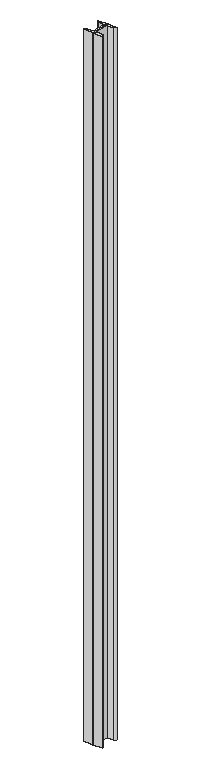
Revit family "2C-기둥", category 구조 기둥, Revit 2026
Family settings
  단면 모양 = 정의되지 않음
  모델 동작 재료 = 스틸
  항상 형상으로 내보내기 = 아니오
  평면의 보 전환 = 경계 상자에서
  로드될 때 보이드를 사용하여 절단 = 아니오
  기호 표현 = 프로젝트 설정에서
  공유 = 아니오
  평면도에서 미리 절단된 패밀리 표시 = 예
Parameters (values of type "2C 75x40x5/7")
  Structural Material [instance] = 금속 - 스틸 - 345 MPa
  공간 = 0 mm
  A = 1763.60 mm²
  조합 코드 = "B10"
  W = 0.136
  bf = 40 mm
  d = 75 mm
  tf = 7 mm
  tw = 5 mm
Reference planes
  plane 1: y = 0
  plane 2: z = 0
  plane 3: x = 0
  plane 4: x = -40
  plane 5: x = 40
  plane 6: y = 37.5
  plane 7: y = -37.5
  plane 8: x = 0
  plane 9: x = 0
  plane 10: y = 30.5
  plane 11: y = -30.5
  plane 12: x = 5
  plane 13: x = -5
  plane 14: x = 33
  plane 15: x = -33
Forms (mm)
  Extrusion 1, solid, material "금속 - 스틸 - 345 MPa" <- "Structural Material", detail levels medium
    sketch origin (0, 0, 0) x (1, 0, 0) y (0, 1, 0)
      loop
        line (40, 37.5) -> (0, 37.5) -> (0, -37.5) -> (40, -37.5) -> (40, -30.5) -> (5, -24.957) -> (5, 24.957) -> (40, 30.5) -> (40, 37.5)
    from 0 to 2700
  Extrusion 2, solid, material "금속 - 스틸 - 345 MPa" <- "Structural Material", detail levels fine
    sketch origin (0, 0, 0) x (1, 0, 0) y (0, 1, 0)
      loop
        line (40, 37.5) -> (0, 37.5) -> (0, -37.5) -> (40, -37.5)
        arc (40, -37.5) -> (37.95, -32.55) -> (33, -30.5) r 7
        line (33, -30.5) -> (5, -26.065) -> (5, 26.065) -> (33, 30.5)
        arc (33, 30.5) -> (37.95, 32.55) -> (40, 37.5) r 7
    from 0 to 2700
  Extrusion 3, solid, material "금속 - 스틸 - 345 MPa" <- "Structural Material", detail levels medium
    sketch origin (0, 0, 0) x (-1, 0, 0) y (0, -1, 0)
      loop
        line (40, -37.5) -> (40, -30.5) -> (5, -24.957) -> (5, 24.957) -> (40, 30.5) -> (40, 37.5) -> (0, 37.5) -> (0, -37.5) -> (40, -37.5)
    from 0 to 2700
  Extrusion 4, solid, material "금속 - 스틸 - 345 MPa" <- "Structural Material", detail levels fine
    sketch origin (0, 0, 0) x (-1, 0, 0) y (0, -1, 0)
      loop
        arc (40, -37.5) -> (37.95, -32.55) -> (33, -30.5) r 7
        line (33, -30.5) -> (5, -26.065) -> (5, 26.065) -> (33, 30.5)
        arc (33, 30.5) -> (37.95, 32.55) -> (40, 37.5) r 7
        line (40, 37.5) -> (0, 37.5) -> (0, -37.5) -> (40, -37.5)
    from 0 to 2700
Lines and regions (mm)
  symbolic lines, style "StructuralColumnStickSymbols", detail levels coarse
    curve 1: line (0, 37.5, 0) -> (40, 37.5, 0)
    curve 2: line (0, -37.5, 0) -> (40, -37.5, 0)
    curve 3: line (0, 37.5, 0) -> (0, -37.5, 0)
    curve 6: line (0, 37.5, 0) -> (-40, 37.5, 0)
    curve 7: line (0, -37.5, 0) -> (-40, -37.5, 0)
    curve 8: line (0, 37.5, 0) -> (0, -37.5, 0)
  symbolic lines, style "숨겨진 면", detail levels medium+fine
    curve 4: line (-5, 0, 0) -> (-5, 0, 2700)
    curve 5: line (5, 0, 2700) -> (5, 0, 0)
Dimensions and locks
  equal spacing: plane 7, plane 1, plane 6
  "d": plane 7 to plane 6
  equal spacing: plane 8, plane 3, plane 9
  "공간": plane 8 to plane 9
  "bf": plane 9 to plane 5
  "bf": plane 4 to plane 8
  "tf": plane 6 to plane 10
  "tf": plane 7 to plane 11
  "tw": plane 9 to plane 12
  "tw": plane 8 to plane 13
  "tf": plane 14 to plane 5
  "tf": plane 15 to plane 4
  "tf": radius of Extrusion 2 sketch curve  (x2)
  "tf": radius of Extrusion 4 sketch curve  (x2)
  locked: plane 10 to Extrusion 1 sketch curve (angle 9.00°)
  locked: Extrusion 1 sketch curve to plane 11 (angle 9.00°)
  locked: Extrusion 2 sketch curve to plane 11 (angle 9.00°)
  angle plane 10 to Extrusion 2 sketch curve = 9.00°
  locked: Extrusion 3 sketch curve to plane 10 (angle 9.00°)
  locked: plane 11 to Extrusion 3 sketch curve (angle 9.00°)
  locked: Extrusion 4 sketch curve to plane 10 (angle 9.00°)
  locked: plane 11 to Extrusion 4 sketch curve (angle 9.00°)
  aligned and locked: level to plane 2
  aligned and locked: plane 9 to curve 2
  aligned and locked: plane 9 to curve 1
  aligned and locked: plane 5 to curve 2
  aligned and locked: plane 5 to curve 1
  aligned and locked: plane 6 to curve 1
  aligned and locked: curve 7 to plane 7
  aligned and locked: curve 6 to plane 6
  aligned and locked: plane 4 to curve 6
  aligned and locked: plane 4 to curve 7
  aligned and locked: plane 7 to curve 3
  aligned and locked: plane 8 to curve 7
  aligned and locked: plane 8 to curve 6
  aligned and locked: level to curve 5  (x2)
  aligned and locked: level to curve 4  (x2)
  aligned and locked: plane 12 to curve 5
  aligned and locked: plane 13 to curve 4
  aligned and locked: plane 6 to Extrusion 1 sketch curve
  aligned and locked: Extrusion 1 sketch curve to plane 9
  aligned and locked: Extrusion 1 sketch curve to plane 7
  aligned and locked: plane 12 to Extrusion 1 sketch curve
  aligned and locked: plane 5 to Extrusion 1 sketch curve  (x4)
  aligned and locked: plane 11 to Extrusion 1 sketch curve
  aligned and locked: Extrusion 2 sketch curve to plane 6
  aligned and locked: plane 9 to Extrusion 2 sketch curve
  aligned and locked: plane 7 to Extrusion 2 sketch curve
  aligned and locked: Extrusion 2 sketch curve to plane 12
  aligned and locked: plane 14 to Extrusion 2 sketch curve  (x4)
  aligned and locked: plane 11 to Extrusion 2 sketch curve
  aligned and locked: plane 10 to Extrusion 2 sketch curve
  aligned and locked: plane 7 to Extrusion 3 sketch curve
  aligned and locked: plane 8 to Extrusion 3 sketch curve
  aligned and locked: Extrusion 3 sketch curve to plane 6
  aligned and locked: plane 4 to Extrusion 3 sketch curve  (x2)
  aligned and locked: Extrusion 3 sketch curve to plane 13
  aligned and locked: Extrusion 4 sketch curve to plane 8
  aligned and locked: plane 6 to Extrusion 4 sketch curve  (x2)
  aligned and locked: plane 13 to Extrusion 4 sketch curve
  aligned and locked: Extrusion 4 sketch curve to plane 7
  aligned and locked: plane 7 to Extrusion 4 sketch curve
  aligned and locked: plane 15 to Extrusion 4 sketch curve  (x2)
  aligned and locked: level to Extrusion 2
  aligned and locked: level to Extrusion 4
  aligned and locked: level to Extrusion 1
  aligned and locked: level to Extrusion 3
  aligned and locked: Extrusion 1 to level
  aligned and locked: Extrusion 2 to level
  aligned and locked: Extrusion 3 to level
  aligned and locked: Extrusion 4 to level
Automatic sketch dimensions
  Extrusion 1 sketch curve to plane 10 = 0 mm
  Extrusion 3 sketch curve to plane 11 = 0 mm
  Extrusion 3 sketch curve to plane 10 = 0 mm
